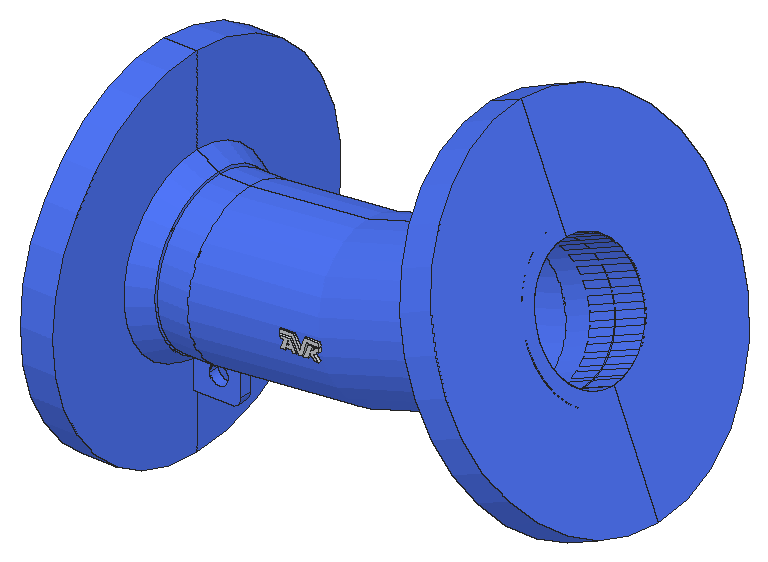
Revit family "712-0220-001-DN65", category Pipe Fittings, Revit 2019
Family settings
  Round Connector Dimension = Use Diameter
  Part Type = Elbow
  Work Plane-Based = No
  Always vertical = Yes
  Cut with Voids When Loaded = No
  Shared = No
Parameters (values of type "DN065_PN10/16")
  Search_Table = ""
  L_Ref = 60 mm
  L = 114 mm  # constant formula
  ID(Radius) = [Nominal Diameter(DN)] / 2  # 32.5 mm
  Flange_thickness = 17 mm  # constant formula
  Nominal Diameter(DN) = 65 mm  # constant formula
  FOD = 92.5 mm  # constant formula
  URL product pages = "https://www.avkvalves.com/P.aspx?no=712006502201"
  Description_ = "AVK FLANGED BEND 22.5° W/LOOSE FLANGES"
  DN065_PN10/16 = yes
  DN 65_PN10/16 = "712-0065-02-201"
  Body_wallthickness = 15 mm + [Nominal Diameter(DN)]  # 80 mm
  A = 22.50°  # constant formula
Reference planes
  plane 1 "Center (Front/Back)": y = 0
  plane 2: z = 0
  plane 3 "Center (Left/Right)": x = 0
  plane 4: x = 114
  plane 5: through (114, -1524, 0) normal (0.9239, 0, 0.3827)
  plane 6: through (219.322, -1524, 43.626) normal (0.9239, 0, 0.3827)
  plane 7: through (114, -1524, 0) normal (-0.3827, 0, 0.9239)
  plane 8: z = -62.494
  plane 9: x = 42
  plane 10: z = -57.5
  plane 11: x = 37
Forms (mm)
  Sweep 1, solid, material "Plastic"
    path origin (0, 0, 0) x (1, 0, 0) y (0, 0, -1)
      loop
        line (0, 0) -> (44.381, 0)
        arc (44.381, 0) -> (112.662, -6.725) -> (178.32, -26.642) r 350
        line (178.32, -26.642) -> (219.322, -43.626)
    profile origin (22.19, 0, 0) x (0, 0, 1) y (0, -1, 0)
      loop
        circle (0, 0) r 32.5
      loop
        circle (0, 0) r 40
  Revolve 2, solid, material "Plastic"
    sketch origin (0, 0, 0) x (1, 0, 0) y (0, 0, -1)
      loop
        line (0, 32.5) -> (17, 32.5) -> (17, 92.5) -> (0, 92.5) -> (0, 32.5)
      axis (0, 0) -> (17, 0)
    angle from 0 to 360
  Revolve 3, solid, material "Plastic"
    sketch origin (0, 0, 0) x (1, 0, 0) y (0, 0, -1)
      loop
        line (231.759, -13.6) -> (254.72, 41.833) -> (239.015, 48.339) -> (216.054, -7.094) -> (231.759, -13.6)
      axis (219.322, -43.626) -> (203.616, -37.12)
    angle from 0 to 360
  Revolve 4, solid, material "Plastic"
    sketch origin (0, 0, 0) x (1, 0, 0) y (0, 0, -1)
      loop
        line (17, 32.5) -> (28.282, 32.5) -> (28.282, 40.986) -> (17, 47.5) -> (17, 32.5)
      axis (17, 0) -> (28.282, 0)
    angle from 0 to 360
  Revolve 5, solid, material "Plastic"
    sketch origin (0, 0, 0) x (1, 0, 0) y (0, 0, -1)
      loop
        line (216.054, -7.094) -> (221.794, 6.764) -> (206.794, 6.764) -> (203.25, -1.791) -> (216.054, -7.094)
      axis (203.616, -37.12) -> (190.813, -31.817)
    angle from 0 to 360
  Extrusion 6, solid, material "Plastic"
    sketch origin (0, 0, 0) x (1, 0, 0) y (0, 0, 1)
      loop
        line (17, -32.5) -> (17, -62.494) -> (37, -62.494)
        arc (37, -62.494) -> (40.536, -61.03) -> (42, -57.494) r 5
        line (42, -57.494) -> (42, -32.5) -> (17, -32.5)
      loop
        circle (30.673, -51.097) r 5
    from -2.733 to 2.733
Dimensions and locks
  "L": plane 4 to plane 3 "Center (Left/Right)"
  "L": plane 5 to plane 6
  "Flange_thickness": Revolve 2 sketch curve to plane 3 "Center (Left/Right)"
  "FOD": Revolve 3 sketch curve to plane 7
  "ID(Radius)": Revolve 3 sketch curve to plane 7
  "Flange_thickness": Sweep 1 to Revolve 3 sketch curve
  locked: Revolve 2 to Revolve 4 sketch curve at 11.282
  locked: Revolve 5 sketch curve to plane 7 at 32.5
  locked: Revolve 5 sketch curve to plane 7 at 47.5
  locked: Revolve 5 sketch curve to plane 7 at 41.76
  locked: Revolve 5 sketch curve to Revolve 3 at 13.858
  equal spacing: Extrusion 6, plane 1 "Center (Front/Back)", Extrusion 6
  locked: Extrusion 6 to Extrusion 6 at 5.467
  "ID(Radius)": radius of Sweep 1 sketch curve
  "Body_wallthickness": diameter of Sweep 1 sketch curve
  "A": angle plane 4 to plane 5
  locked: plane 3 "Center (Left/Right)" to Sweep 1 (angle 22.50°)
  aligned and locked: level to plane 2
  aligned and locked: plane 3 "Center (Left/Right)" to Revolve 2 sketch curve
  aligned and locked: Revolve 2 sketch curve to Sweep 1
  aligned and locked: plane 6 to Revolve 3 sketch curve
  aligned and locked: Revolve 3 sketch curve to plane 7
  aligned and locked: Revolve 4 sketch curve to Revolve 2  (x2)
  aligned and locked: Revolve 5 sketch curve to Revolve 3
  aligned and locked: Revolve 5 sketch curve to plane 7
  aligned and locked: Revolve 2 to Extrusion 6 sketch curve
  aligned and locked: plane 8 to Extrusion 6 sketch curve
  aligned and locked: plane 11 to Extrusion 6 sketch curve
  aligned and locked: plane 9 to Extrusion 6 sketch curve
Automatic sketch dimensions
  Sweep 1 sketch curve to level = 0 mm
  Sweep 1 sketch curve to plane 3 "Center (Left/Right)" = 0 mm
  Sweep 1 sketch curve to plane 7 = 0 mm  (x2)
  Sweep 1 sketch curve to plane 6 = 0 mm
  Sweep 1 sketch curve to plane 3 "Center (Left/Right)" = 44.381 mm
  Sweep 1 sketch curve to level = 26.642 mm
  Revolve 4 sketch curve to level = 0 mm
  level to Revolve 4 sketch curve = 32.5 mm
  Revolve 4 sketch curve to Revolve 4 sketch curve = 8.486 mm
  Revolve 4 sketch curve to Revolve 4 sketch curve = 6.514 mm
  Revolve 4 sketch curve to Revolve 4 sketch curve = 11.282 mm
  Revolve 5 sketch curve to level = 31.817 mm
  Revolve 5 sketch curve to level = 37.12 mm
  Extrusion 6 sketch curve to plane 11 = 6.327 mm
  plane 10 to Extrusion 6 sketch curve = 6.403 mm
  Extrusion 6 sketch curve to Extrusion 6 sketch curve = 18.597 mm
  Sweep 1 sketch curve to Sweep 1 sketch curve = 0 mm  (x2)
  Sweep 1 sketch curve to plane 1 "Center (Front/Back)" = 0 mm
  profile plane to Sweep 1 sketch curve = 0 mm
  Revolve 2 sketch curve to level = 0 mm
  level to Revolve 2 sketch curve = 32.5 mm
  Revolve 2 sketch curve to Revolve 2 sketch curve = 60 mm
  Revolve 2 sketch curve to plane 3 "Center (Left/Right)" = 20 mm
  plane 6 to Revolve 3 sketch curve = 0 mm
  Revolve 3 sketch curve to level = 37.12 mm
  radius of Extrusion 6 sketch curve = 5 mm
Nested families
  nested 1: "Latest New" at (103.026, -39.737, 0.308) x (0.9998, 0.0188, 0.0021) z (0.0189, -0.9934, -0.1128), type "Latest New"
Connectors
  piping at (219.322, 0, 43.626), diameter 65, driven by "Nominal Diameter(DN)"
    settings: on Revolve 3, index 1, connector inside diameter 609.6 mm, connector length 0 mm, flow factor 0, pipe flow 0.0 L/s, pressure drop 0.0 Pa, fitting loss kfactor 0, connector angle 0.00°, fixture units 0, engagement length 0 mm, angle of deflection 0.00°, flow configuration 0, flow direction 0, fitting loss method 0, system type 7, joint type 0, gender type 0, connector reference index -1, connector utility 0, adjustable connector no, is connector primary yes, connector description ""
  piping at (0, 0, 0), diameter 65, driven by "Nominal Diameter(DN)"
    settings: on Revolve 2, index 2, connector inside diameter 609.6 mm, connector length 0 mm, flow factor 0, pipe flow 0.0 L/s, pressure drop 0.0 Pa, fitting loss kfactor 0, connector angle 0.00°, fixture units 0, engagement length 0 mm, angle of deflection 0.00°, flow configuration 0, flow direction 0, fitting loss method 0, system type 7, joint type 0, gender type 0, connector reference index -1, connector utility 0, adjustable connector no, is connector primary no, connector description ""
Definition of nested family "Latest New"
  Parameters
    Default Elevation = 1219.2 mm
  Reference planes
    plane 1 "Center (Front/Back)": y = 0
    plane 2: z = 0
    plane 3 "Center (Left/Right)": x = 0
  Forms (mm)
    Extrusion 1, solid
      sketch origin (0, 0, 0) x (1, 0, 0) y (0, 1, 0)
        loop
          line (-1219.2, 1219.2) -> (-1219.2, -1219.2) -> (1219.2, -1219.2) -> (1219.2, 1219.2) -> (-1219.2, 1219.2)
      from 0 to -304.8
    Extrusion 2, solid
      sketch origin (0, 0, 0) x (1, 0, 0) y (0, 1, 0)
        loop
          line (-2.683, 9.413) -> (-9.884, 9.413) -> (-9.884, 7.46) -> (-4.022, 7.46) -> (-0.985, 0) -> (0.985, 0) -> (4.022, 7.46) -> (9.884, 7.46) -> (9.884, 9.413) -> (2.683, 9.413) -> (0, 2.824) -> (-2.683, 9.413)
        loop
          line (-4.528, 6.707) -> (-9.884, 6.707) -> (-9.884, 4.824) -> (-8.032, 4.824) -> (-9.884, 0) -> (-7.792, 0) -> (-7.394, 1.035) -> (-4.328, 1.035) -> (-3.907, 0) -> (-1.798, 0) -> (-4.528, 6.707)
        loop
          line (-6.91, 2.824) -> (-5.056, 2.824) -> (-6.01, 5.167) -> (-6.91, 2.824)
        loop
          line (1.798, 0) -> (3.907, 0) -> (4.98, 2.637) -> (6.968, 0) -> (9.413, 0) -> (7.166, 2.983)
          arc (7.166, 2.983) -> (8.216, 3.774) -> (9.007, 4.824) r 4.724
          line (9.007, 4.824) -> (9.884, 4.824) -> (9.884, 6.707) -> (8.001, 6.707)
          arc (8.001, 6.707) -> (7.315, 5.008) -> (5.642, 4.261) r 2.448
          line (5.642, 4.261) -> (6.637, 6.707) -> (4.528, 6.707) -> (1.798, 0)
      from 0 to 1
  Dimensions and locks
    aligned and locked: plane 2 to Extrusion 1
    aligned and locked: level to Extrusion 1
    aligned and locked: Extrusion 2 sketch curve to import instance  (x30)
